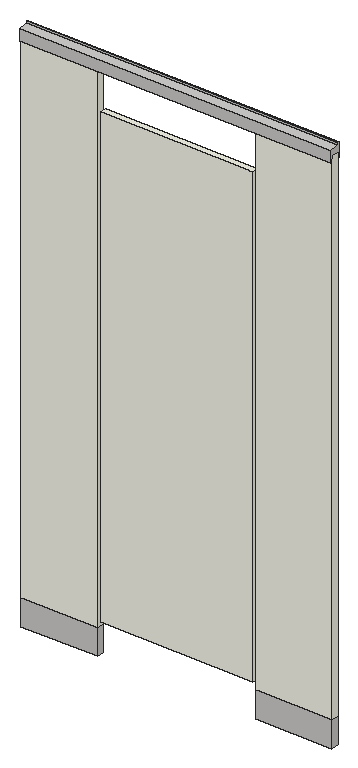
Revit family
Parameters (values of type "B2182")
  URL = "http://www.bobrick.com"
  Right Stile Headrail Value = if(Right Stile Visible, Right Stile Value, 0")  # 12"
  Partition Material = Laminated Plastic - Bobrick - Designer White
  Panel Value = if(DoorPanel Width < 1", 1", if(DoorPanel Width > 84", 84", DoorPanel Width))  # 24"
  Model = "B2182 DuraLineSeries Overhead Braced"
  Manufacturer = "Bobrick Washroom Equipment, Inc."
  Left Stile Headrail Value = if(Left Stile Visible, Left Stile Value, 0")  # 12"
  Inswing Value = if(DoorPanel Width < 22", 22", if(DoorPanel Width > 37", 37", DoorPanel Width))  # 24"
  DoorPanel Width = 24"
  Right Stile Width = 12"
  Right Stile Visible = yes
  Right Stile Value = if(Right Stile Width < 3", 3", if(Right Stile Width > 24", 24", Right Stile Width))  # 12"
  Panel = not(Door Panel)  # no
  Outswing Value = if(DoorPanel Width < 25", 25", if(DoorPanel Width > 37", 37", DoorPanel Width))  # 25"
  Outswing = and(not(Inswing Visibility), Door Panel)  # no
  Left Stile Width = 12"
  Left Stile Visible = yes
  Left Stile Value = if(Left Stile Width < 3", 3", if(Left Stile Width > 24", 24", Left Stile Width))  # 12"
  Inswing Visibility = and(Inswing, Door Panel)  # yes
  Inswing = yes
  Width Value = if(Inswing Visibility, Inswing Value, if(Outswing, Outswing Value, if(Panel, Panel Value, 36")))  # 24"
  Door Panel = yes
  Description = "Laminated Plastic Partitions And Screens With Stainless Steel Edges"
  Assembly Code = "C1030200"
  ADA Compliant = yes
Reference planes (in)
  plane 1 "Center (Front/Back)": y = 0
  plane 2: z = 0
  plane 3 "Center (Left/Right)": x = 0
  plane 4: x = -24.5
  plane 5: x = 24.5
  plane 6: y = 0.5
  plane 7: y = -0.5
  plane 8: x = -12.5
  plane 9: x = 12.5
  plane 10: x = -12
  plane 11: x = 12
  plane 12: z = 4
  plane 13: z = 5
  plane 14: z = 77
  plane 15: z = 41
  plane 16: y = 24.5
  plane 17: x = 11
  plane 18: z = 85
  plane 19: z = 83.5625
  plane 20: z = 82.8125
  plane 21: z = 84.31651
Forms (in)
  Extrusion 1, solid, material "Laminated Plastic - Bobrick - Designer White" <- "Partition Material", visible <- "Left Stile Visible"
    sketch origin (0, 0, 0) x (1, 0, 0) y (0, 1, 0)
      loop
        line (-24.5, 0.5) -> (-24.5, -0.5) -> (-12.5, -0.5) -> (-12.5, 0.5) -> (-24.5, 0.5)
    from 4 to 83.5625
  Extrusion 2, solid, material "Stainless Steel - Bobrick - Satin", visible <- "Left Stile Visible"
    sketch origin (0, 0, 0) x (1, 0, 0) y (0, 1, 0)
      loop
        line (-24.5, 0.5) -> (-24.5, -0.5) -> (-12.5, -0.5) -> (-12.5, 0.5) -> (-24.5, 0.5)
    from 0 to 4
  Extrusion 3, solid, material "Laminated Plastic - Bobrick - Designer White" <- "Partition Material"
    sketch origin (0, 0, 0) x (1, 0, 0) y (0, 1, 0)
      loop
        line (-12, 0.5) -> (-12, -0.5) -> (12, -0.5) -> (12, 0.5) -> (-12, 0.5)
    from 5 to 77
  Extrusion 4, solid, material "Laminated Plastic - Bobrick - Designer White" <- "Partition Material", visible <- "Right Stile Visible"
    sketch origin (0, 0, 0) x (-1, 0, 0) y (0, -1, 0)
      loop
        line (-24.5, -0.5) -> (-12.5, -0.5) -> (-12.5, 0.5) -> (-24.5, 0.5) -> (-24.5, -0.5)
    from 4 to 83.5625
  Extrusion 5, solid, material "Stainless Steel - Bobrick - Satin", visible <- "Right Stile Visible"
    sketch origin (0, 0, 0) x (-1, 0, 0) y (0, -1, 0)
      loop
        line (-24.5, -0.5) -> (-12.5, -0.5) -> (-12.5, 0.5) -> (-24.5, 0.5) -> (-24.5, -0.5)
    from 0 to 4
  Sweep 6, solid, material "Stainless Steel - Bobrick - Satin"
    path origin (0, 0, 0) x (1, 0, 0) y (0, 0, 1)
      loop
        line (-24.5, 85) -> (24.5, 85)
    profile origin (0, 0, 85) x (0, 0, 1) y (0, -1, 0)
      loop
        line (0, -0.5) -> (-0.25, -0.5) -> (-0.5625, 0.75) -> (-2.1875, 0.75) -> (-2.1875, 0.5) -> (-1.4375, 0.5) -> (-1.4375, -0.5) -> (-2.1875, -0.5) -> (-2.1875, -0.75) -> (0, -0.75) -> (0, -0.5)
Lines and regions (in)
  Masking region 1, visible <- "Left Stile Visible"
    outline origin (0, 0, 0) x (1, 0, 0) y (0, 0, 1)
      loop
        line (-24.5, 82.8125) -> (-24.5, 0) -> (-12.5, 0) -> (-12.5, 82.8125) -> (-24.5, 82.8125)
  Masking region 2
    outline origin (0, 0, 0) x (1, 0, 0) y (0, 0, 1)
      loop
        line (-12, 77) -> (-12, 5) -> (12, 5) -> (12, 77) -> (-12, 77)
  Masking region 3, visible <- "Right Stile Visible"
    outline origin (0, 0, 0) x (1, 0, 0) y (0, 0, 1)
      loop
        line (12.5, 82.8125) -> (12.5, 0) -> (24.5, 0) -> (24.5, 82.8125) -> (12.5, 82.8125)
  Masking region 4, visible <- "Door Panel"
    outline origin (0, 0, 0) x (1, 0, 0) y (0, 1, 0)
      loop
        line (11, 24.5) -> (11, 0.5) -> (12, 0.5) -> (12, 24.5) -> (11, 24.5)
  Masking region 5, visible <- "Left Stile Visible"
    outline origin (0, 0, 0) x (1, 0, 0) y (0, 1, 0)
      loop
        line (-24.5, 0.5) -> (-24.5, -0.5) -> (-12.5, -0.5) -> (-12.5, 0.5) -> (-24.5, 0.5)
  Masking region 6, visible <- "Right Stile Visible"
    outline origin (0, 0, 0) x (1, 0, 0) y (0, 1, 0)
      loop
        line (12.5, 0.5) -> (12.5, -0.5) -> (24.5, -0.5) -> (24.5, 0.5) -> (12.5, 0.5)
  Masking region 7, visible <- "Panel"
    outline origin (0, 0, 0) x (1, 0, 0) y (0, 1, 0)
      loop
        line (-12, -0.5) -> (12, -0.5) -> (12, 0.5) -> (-12, 0.5) -> (-12, -0.5)
  Masking region 8
    outline origin (0, 0, 0) x (0, 1, 0) y (0, 0, 1)
      loop
        line (0.5, 83.5625) -> (-0.5, 83.5625) -> (-0.5, 0) -> (0.5, 0) -> (0.5, 83.5625)
  Masking region 9
    outline origin (0, 0, 0) x (1, 0, 0) y (0, 0, 1)
      loop
        line (24.5, 85) -> (-24.5, 85) -> (-24.5, 82.8125) -> (24.5, 82.8125) -> (24.5, 85)
  Masking region 10
    outline origin (0, 0, 0) x (0, 1, 0) y (0, 0, 1)
      loop
        line (0.75, 82.8125) -> (0.75, 85) -> (0.5, 85) -> (0.5, 84.75) -> (-0.75, 84.4375) -> (-0.75, 82.8125) -> (-0.5, 82.8125) -> (-0.5, 83.5625) -> (0.5, 83.5625) -> (0.5, 82.8125) -> (0.75, 82.8125)
  symbolic lines, visible <- "Left Stile Visible"
    curve 1: line (-24.5, 0, 4) -> (-12.5, 0, 4)
  symbolic lines, visible <- "Right Stile Visible"
    curve 2: line (12.5, 0, 4) -> (24.5, 0, 4)
  symbolic lines, style "Partition Elevation Swing", visible <- "Door Panel"
    curve 3: line (-12, 0, 77) -> (12, 0, 40.89791)
    curve 4: line (12, 0, 40.89791) -> (-12, 0, 5)
    curve 5: arc (-12, 0.5, 0) -> (-4.97056, 17.47056, 0) -> (12, 24.5, 0) r 24
  symbolic lines, style "Partition"
    curve 6: line (0, 0.5, 4) -> (0, -0.5, 4)
    curve 7: line (-24.5, 0, 84.31651) -> (24.5, 0, 84.31651)
Dimensions and locks (in)
  equal spacing: host sketch curve, plane 1 "Center (Front/Back)", host sketch curve
  equal spacing: host sketch curve, plane 3 "Center (Left/Right)", host sketch curve
  host sketch curve to host sketch curve = 120"  (x2)
  locked: plane 8 to plane 10 at 0.5
  locked: plane 11 to plane 9 at 0.5
  "Width Value": plane 10 to plane 11
  equal spacing: plane 10, plane 3 "Center (Left/Right)", plane 11
  "Left Stile Value": plane 4 to plane 8
  "Right Stile Value": plane 9 to plane 5
  locked: plane 12 to level at 4
  locked: plane 13 to level at 5
  locked: plane 18 to level at 85
  locked: plane 6 to plane 7 at 1
  equal spacing: plane 6, plane 1 "Center (Front/Back)", plane 7
  equal spacing: plane 14, plane 15, plane 13
  "Width Value": plane 16 to plane 6
  locked: plane 17 to plane 11 at 1
  plane 14 to plane 13 = 72"
  "Left Stile Headrail Value": plane 8 to Sweep 6 sketch curve
  "Right Stile Headrail Value": Sweep 6 sketch curve to plane 9
  locked: plane 18 to plane 19 at 1.4375
  locked: plane 18 to plane 20 at 2.1875
  aligned and locked: level to plane 2
  aligned and locked: Extrusion 1 sketch curve to plane 6
  aligned and locked: plane 4 to Extrusion 1 sketch curve
  aligned and locked: plane 7 to Extrusion 1 sketch curve
  aligned and locked: Extrusion 1 sketch curve to plane 8
  aligned: Extrusion 1 to level
  aligned: plane 14 to Extrusion 1
  aligned and locked: Extrusion 1 to plane 12
  aligned and locked: plane 4 to Extrusion 2 sketch curve
  aligned and locked: Extrusion 2 sketch curve to plane 6
  aligned and locked: Extrusion 2 sketch curve to plane 8
  aligned and locked: plane 7 to Extrusion 2 sketch curve
  aligned and locked: plane 12 to Extrusion 2
  aligned and locked: Extrusion 2 to level
  aligned and locked: plane 10 to Extrusion 3 sketch curve
  aligned and locked: Extrusion 3 sketch curve to plane 6
  aligned and locked: plane 7 to Extrusion 3 sketch curve
  aligned and locked: Extrusion 3 sketch curve to plane 11
  aligned and locked: plane 14 to Extrusion 3
  aligned and locked: Extrusion 3 to plane 13
  aligned and locked: Extrusion 5 sketch curve to plane 9
  aligned and locked: plane 6 to Extrusion 5 sketch curve
  aligned and locked: plane 5 to Extrusion 5 sketch curve
  aligned and locked: Extrusion 5 sketch curve to plane 7
  aligned and locked: Extrusion 4 sketch curve to plane 9
  aligned and locked: plane 6 to Extrusion 4 sketch curve
  aligned and locked: Extrusion 4 sketch curve to plane 7
  aligned and locked: plane 5 to Extrusion 4 sketch curve
  aligned: plane 14 to Extrusion 4
  aligned and locked: Masking region 1 sketch curve to plane 4
  aligned and locked: Masking region 1 sketch curve to level
  aligned and locked: Masking region 1 sketch curve to plane 8
  aligned and locked: Masking region 2 sketch curve to plane 14
  aligned and locked: Masking region 2 sketch curve to plane 10
  aligned and locked: Masking region 2 sketch curve to plane 11
  aligned and locked: Masking region 2 sketch curve to plane 13
  aligned and locked: Masking region 3 sketch curve to plane 9
  aligned and locked: Masking region 3 sketch curve to plane 5
  aligned and locked: Masking region 3 sketch curve to level
  aligned and locked: curve 1 to plane 12
  aligned and locked: plane 4 to curve 1
  aligned and locked: plane 8 to curve 1
  aligned and locked: curve 2 to plane 12
  aligned and locked: plane 5 to curve 2
  aligned and locked: plane 9 to curve 2
  aligned and locked: plane 14 to curve 3
  aligned and locked: plane 10 to curve 3
  aligned and locked: plane 11 to curve 4
  aligned and locked: plane 10 to curve 4
  aligned and locked: plane 13 to curve 4
  aligned and locked: Masking region 4 sketch curve to plane 16
  aligned and locked: plane 17 to Masking region 4 sketch curve
  aligned and locked: plane 6 to Masking region 4 sketch curve
  aligned and locked: Masking region 4 sketch curve to plane 11
  aligned and locked: Masking region 5 sketch curve to plane 6
  aligned and locked: plane 4 to Masking region 5 sketch curve
  aligned and locked: plane 7 to Masking region 5 sketch curve
  aligned and locked: Masking region 5 sketch curve to plane 8
  aligned and locked: Masking region 6 sketch curve to plane 6
  aligned and locked: plane 9 to Masking region 6 sketch curve
  aligned and locked: plane 7 to Masking region 6 sketch curve
  aligned and locked: Masking region 6 sketch curve to plane 5
  aligned and locked: Masking region 4 to curve 5
  aligned and locked: plane 10 to curve 5
  aligned and locked: plane 6 to curve 5  (x2)
  aligned and locked: plane 11 to curve 5
  aligned and locked: Masking region 7 sketch curve to plane 7
  aligned and locked: Masking region 7 sketch curve to plane 10
  aligned and locked: plane 6 to Masking region 7 sketch curve
  aligned and locked: plane 11 to Masking region 7 sketch curve
  aligned and locked: level to Masking region 8 sketch curve
  aligned and locked: Masking region 8 sketch curve to plane 6
  aligned and locked: plane 7 to Masking region 8 sketch curve
  aligned and locked: plane 12 to curve 6
  aligned and locked: plane 7 to curve 6
  aligned and locked: plane 6 to curve 6
  aligned and locked: Sweep 6 sketch curve to plane 18
  aligned: Extrusion 1 to Masking region 1
  aligned: Masking region 1 sketch curve to plane 20
  aligned and locked: Masking region 3 sketch curve to plane 20
  aligned and locked: plane 19 to Extrusion 4
  aligned and locked: Masking region 9 sketch curve to plane 4
  aligned and locked: plane 5 to Masking region 9 sketch curve
  aligned and locked: plane 18 to Masking region 9 sketch curve
  aligned and locked: curve 7 to plane 21
  aligned and locked: plane 4 to curve 7
  aligned and locked: plane 5 to curve 7
  aligned and locked: plane 19 to Extrusion 1
  aligned and locked: Masking region 8 sketch curve to plane 19
  aligned and locked: plane 20 to Masking region 10 sketch curve
  aligned and locked: Masking region 10 sketch curve to Sweep 6  (x9)
  aligned and locked: Extrusion 5 to level
  aligned and locked: Extrusion 4 to plane 12
  aligned and locked: plane 12 to Extrusion 5
Automatic sketch dimensions
  curve 4 to plane 15 = 0.10209"
  profile plane to Sweep 6 sketch curve = 0"
  profile plane to Sweep 6 sketch curve = 1/4"
  profile plane to Sweep 6 sketch curve = 9/16"
  Sweep 6 sketch curve to Sweep 6 sketch curve = 7/8"
  Sweep 6 sketch curve to Sweep 6 sketch curve = 3/4"  (x2)
  Sweep 6 sketch curve to plane 1 "Center (Front/Back)" = 3/4"
  Sweep 6 sketch curve to Sweep 6 sketch curve = 1/4"  (x2)
  plane 1 "Center (Front/Back)" to Sweep 6 sketch curve = 1/2"
  plane 1 "Center (Front/Back)" to Sweep 6 sketch curve = 3/4"
  Masking region 9 sketch curve to plane 20 = 0"
  Masking region 1 sketch curve to plane 20 = 0"
